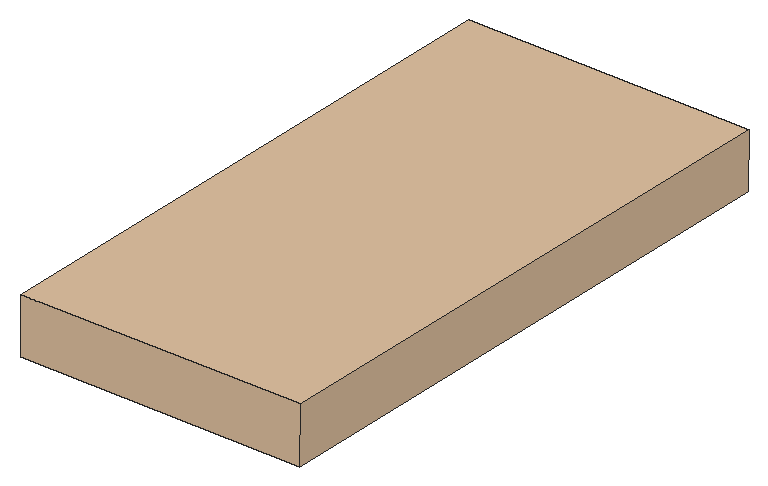
Revit family "FU_Modular_Sandler_Escalas_Table Top 0427MA", category Furniture, Revit 2020
Family settings
  OmniClass Number = 23.40.20.00
  OmniClass Title = General Furniture and Specialties
  Work Plane-Based = No
  Always vertical = Yes
  Cut with Voids When Loaded = No
  Shared = No
  Room Calculation Point = No
Parameters (values of type "Escalas 0427MA")
  Width = 400 mm
  URL = "https://www.sandlerseating.com/product/esc0427ma/"
  Top Finish = Wood - Oak - Natural - V
  Right Offset Undercut = 220 mm
  Model = "Escalas 0427MA"
  Manufacturer = "Sandler"
  Left Offset Undercut = 180 mm
  Height = 300 mm
  Elevation = 220 mm
  Description = "Wooden 40cm left table top. 8cm x 40cm x 80cm (measurement without base)"
  Depth = 800 mm
  Default Elevation = 0 mm
Reference planes
  plane 1 "Center (Front/Back)": y = 0
  plane 2: z = 0
  plane 3 "Center (Left/Right)": x = 0
  plane 4 "Right": x = -200
  plane 5 "Left": x = 200
  plane 6 "Back": y = 400
  plane 7 "Front": y = -400
  plane 8 "Height": z = 300
  plane 9 "Elevation": z = 220
  plane 10 "Inner Front": y = -380
  plane 11 "Inner Back": y = 380
  plane 12 "Inner Right": x = -180
  plane 13 "Inner left": x = 180
  plane 14 "Under Edge": z = 280
  plane 15 "Right Offset": x = -220
  plane 16 "Left Offset": x = 180
Forms (mm)
  Extrusion 1, solid, material "Wood - Oak - Natural - V" <- "Top Finish"
    sketch origin (0, 0, 220) x (-1, 0, 0) y (0, -1, 0)
      loop
        line (200, -400) -> (200, 400) -> (-200, 400) -> (-200, -400) -> (200, -400)
    from 0 to 80
  Extrusion 2, void
    sketch origin (0, 0, 220) x (-1, 0, 0) y (0, -1, 0)
      loop
        line (220, 380) -> (-180, 380) -> (-180, -380) -> (220, -380) -> (220, 380)
    from 0 to 60
Cuts and joins
  Extrusion 2 cuts Extrusion 1
Dimensions and locks
  equal spacing: plane 4 "Right", plane 3 "Center (Left/Right)", plane 5 "Left"
  "Width": plane 4 "Right" to plane 5 "Left"
  equal spacing: plane 6 "Back", plane 1 "Center (Front/Back)", plane 7 "Front"
  "Depth": plane 6 "Back" to plane 7 "Front"
  "Height": plane 8 "Height" to level
  "Elevation": plane 9 "Elevation" to level
  locked: plane 4 "Right" to plane 12 "Inner Right" at 20
  locked: plane 13 "Inner left" to plane 5 "Left" at 20
  locked: plane 8 "Height" to plane 14 "Under Edge" at 20
  locked: plane 7 "Front" to plane 10 "Inner Front" at 20
  locked: plane 11 "Inner Back" to plane 6 "Back" at 20
  "Right Offset Undercut": plane 15 "Right Offset" to plane 3 "Center (Left/Right)"
  "Left Offset Undercut": plane 3 "Center (Left/Right)" to plane 16 "Left Offset"
  aligned and locked: level to plane 2
  aligned and locked: Extrusion 1 sketch curve to plane 6 "Back"
  aligned and locked: Extrusion 1 sketch curve to plane 4 "Right"
  aligned and locked: plane 7 "Front" to Extrusion 1 sketch curve
  aligned and locked: plane 5 "Left" to Extrusion 1 sketch curve
  aligned and locked: Extrusion 1 to plane 9 "Elevation"
  aligned and locked: plane 8 "Height" to Extrusion 1
  aligned and locked: plane 10 "Inner Front" to Extrusion 2 sketch curve
  aligned and locked: Extrusion 2 sketch curve to plane 15 "Right Offset"
  aligned and locked: Extrusion 2 sketch curve to plane 11 "Inner Back"
  aligned and locked: Extrusion 2 sketch curve to plane 16 "Left Offset"
  aligned and locked: Extrusion 2 to plane 9 "Elevation"
  aligned and locked: plane 14 "Under Edge" to Extrusion 2
  aligned and locked: Extrusion 1 to plane 8 "Height"
